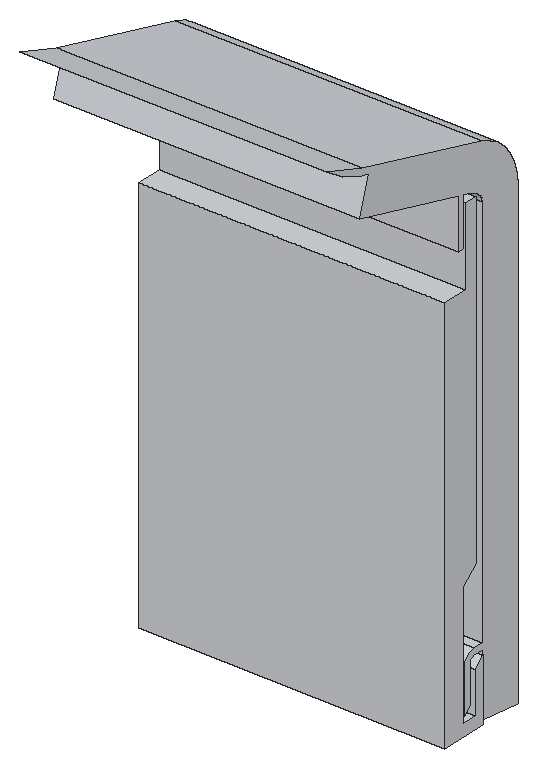
Revit family "HansWeitzel_2068", category Allgemeines Modell, Revit 2017
Family settings
  Basisbauteil = Wand
  Kann Basisbauteil für Bewehrung sein = Nein
  Bemaßung runder Anschluss = Durchmesser verwenden
  Teiletyp = Normal
  Immer vertikal = Ja
  Beim Laden mit Abzugskörper schneiden = Nein
  Gemeinsam genutzt = Nein
  Raumberechnungspunkt = Nein
Parameters (values of type "Type 1")
  max. Betriebstemperatur (°C) = 90
  Werkstoff = "Acryl"
  Wandmontage möglich = yes
  Typname = "HZ-Stoßverbinder SLF Eiche hell"
  Tiefe (mm) = 30
  Profilart = "Anschlussprofi"
  Menge pro Verpackungseinheit = 10
  Length3 = 50 mm
  Length2 = 50 mm
  Length1 = 50 mm
  Ist Zubehör = no
  Ist System = no
  Höhe [mm] = 97
  Hersteller = "Hans Weitzel GmbH & Co. KG"
  HeinzeBIM = "https://www.heinze.de/bim/hz-stossverbinder-slf-eiche-hell/63ef96e964c2b440932b9e7fe3a3d831e1cb5fca"
  HAN = "2068"
  Gewicht unverpackt (netto) [kg] = 0.008
  GTIN = "4022023220315"
  Farbton = "Holzart/Holzdekor"
  Dekor = "Eiche hell"
  Breite [mm] = 45
  Beschreibung = "HZ-Stoßverbinder SLF Eiche hell für HZ-Sockelleiste SLF nur mit SCH2158"
  BIMSITE_PRODUCT_ID = "63ef96e964c2b440932b9e7fe3a3d831e1cb5fca"
  BIM = "https://media.live.bim.site/t/eyJhbGciOiJIUzI1NiIsInR5cCI6IkpXVCJ9.eyJjdCI6MSwidGYiOiJwdWJsaWMvaGFucy13ZWl0emVsLWdtYmgtY28ta2cvMjI1MGEyZS9IWl9TTEZfU3Rvc3N2ZXJiaW5kZXIucmZhIiwiY2lkIjoiZmVkOThlOWEtMWJkOC00YzY4LWE3M2ItNzRhOTRlMzE1ODIzIiwicmlkIjoiODlhYmVhYzRkNGY5MGM5YmRmZmVmNzk0YThhOWI4ZjciLCJwaWQiOiI2M2VmOTZlOTY0YzJiNDQwOTMyYjllN2ZlM2EzZDgzMWUxY2I1ZmNhIiwic2lkIjoiNjM1NTgiLCJ1dCI6NSwibGMiOiJkZSIsImlhdCI6MTU4MDEyMjkyMCwiaXNzIjoiaHR0cHM6Ly9hcGkubGl2ZS5iaW0uc2l0ZSIsInN1YiI6ImY1ODZjNGI2LWE1MDgtNDI3YS05ODE4LTEzMTc5NjY1NzZiYyJ9.Uro-Gln6Om7ZIZlMdIdVFlvXFNED9UNLjHO9H-gkb5w/HZ_SLF_Stossverbinder.rfa"
Reference planes
  plane 1 "Wall": y = 0
  plane 2 "Center (Left/Right)": x = 125
  plane 3 "Back": y = 75
Text (mm)
  text "Placement side" at (0, 1409.804, 2854.306), in view "Left"
  text "Placement side" at (0, 499.811, 2980.732), in view "Right"
Dimensions and locks
  locked: plane 3 "Back" to host wall
  aligned and locked: plane 1 "Wall" to host wall
  aligned and locked: nested 1 to plane 3 "Back"
  aligned and locked: nested 2 to plane 3 "Back"
  aligned and locked: nested 2 to plane 2 "Center (Left/Right)"
  aligned and locked: nested 1 to plane 2 "Center (Left/Right)"
Nested families
  nested 1: "HZ_SLF_Part2" at (125, 75, 0) x (-1, 0, 0) z (0, 0, 1), type "HZ_SLF_Part2"
    with Length2 50 mm
  nested 2: "HZ_SLF_Profil" at (125, 75, 0) x (-1, 0, 0) z (0, 0, 1), type "HZ_SLF_Profil"
Definition of nested family "HZ_SLF_Part2"
  Parameters
    Length2 = 400 mm
  Reference planes
    plane 1 "Center (Front/Back)": y = 0
    plane 2: z = 0
    plane 3 "Center (Left/Right)": x = 0
    plane 4: z = 78
  Forms (mm)
    Extrusion 1, solid, detail levels fine
      sketch origin (0, 0, 0) x (0, 1, 0) y (0, 0, 1)
        loop
          line (-28, 65.25) -> (-28, 78) -> (-30, 78) -> (-30, 24.25) -> (-27.5, 22) -> (-27.5, 2) -> (-30, 2) -> (-30, 8.75) -> (-31.5, 10.25) -> (-31.5, 0) -> (-23.75, 0) -> (-23.75, 65.25) -> (-28, 65.25)
      from -200 to 200
    Extrusion 2, solid, detail levels medium
      sketch origin (0, 0, 0) x (0, 1, 0) y (0, 0, 1)
        loop
          line (-28, 65.25) -> (-28, 78) -> (-30, 78) -> (-30, 22) -> (-27.5, 22) -> (-27.5, 2) -> (-30, 2) -> (-30, 8.75) -> (-31.5, 8.75) -> (-31.5, 0) -> (-23.75, 0) -> (-23.75, 65.25) -> (-28, 65.25)
      from -200 to 200
    Extrusion 3, solid, detail levels coarse
      sketch origin (0, 0, 0) x (0, 1, 0) y (0, 0, 1)
        loop
          line (-31.5, 78) -> (-31.5, 0) -> (-23.75, 0) -> (-23.75, 78) -> (-31.5, 78)
      from -200 to 200
  Dimensions and locks
    equal spacing: Extrusion 1, plane 3 "Center (Left/Right)", Extrusion 1
    "Length2": Extrusion 1 to Extrusion 1
    aligned and locked: level to plane 2
    aligned and locked: Extrusion 3 to Extrusion 1  (x2)
    aligned and locked: Extrusion 2 to Extrusion 3  (x2)
  Automatic sketch dimensions
    Extrusion 1 sketch curve to level = 0 mm
    level to Extrusion 1 sketch curve = 10.25 mm
    plane 1 "Center (Front/Back)" to Extrusion 1 sketch curve = 31.5 mm
    Extrusion 1 sketch curve to Extrusion 1 sketch curve = 1.5 mm  (x2)
    level to Extrusion 1 sketch curve = 8.75 mm
    Extrusion 1 sketch curve to Extrusion 1 sketch curve = 2 mm
    Extrusion 1 sketch curve to Extrusion 1 sketch curve = 2.5 mm
    Extrusion 1 sketch curve to Extrusion 1 sketch curve = 4.25 mm
    level to Extrusion 1 sketch curve = 2 mm
    Extrusion 1 sketch curve to Extrusion 1 sketch curve = 11.75 mm
    Extrusion 1 sketch curve to Extrusion 1 sketch curve = 2.25 mm
    Extrusion 1 sketch curve to Extrusion 1 sketch curve = 41 mm
    Extrusion 1 sketch curve to Extrusion 1 sketch curve = 12.75 mm
    Extrusion 2 sketch curve to level = 0 mm
    plane 1 "Center (Front/Back)" to Extrusion 2 sketch curve = 31.5 mm
    Extrusion 2 sketch curve to Extrusion 2 sketch curve = 1.5 mm
    Extrusion 2 sketch curve to Extrusion 2 sketch curve = 2 mm
    Extrusion 2 sketch curve to Extrusion 2 sketch curve = 4.25 mm
    level to Extrusion 2 sketch curve = 2 mm
    Extrusion 2 sketch curve to Extrusion 2 sketch curve = 12.75 mm
    Extrusion 2 sketch curve to Extrusion 2 sketch curve = 2.5 mm
    Extrusion 2 sketch curve to Extrusion 2 sketch curve = 43.25 mm
    Extrusion 2 sketch curve to Extrusion 2 sketch curve = 0 mm
    Extrusion 2 sketch curve to Extrusion 2 sketch curve = 6.75 mm
    Extrusion 2 sketch curve to Extrusion 2 sketch curve = 13.25 mm
    Extrusion 3 sketch curve to level = 0 mm
    Extrusion 3 sketch curve to Extrusion 3 sketch curve = 7.75 mm
    plane 1 "Center (Front/Back)" to Extrusion 3 sketch curve = 31.5 mm
    level to Extrusion 3 sketch curve = 78 mm
Definition of nested family "HZ_SLF_Profil"
  Parameters
    Length3 = 50 mm
  Reference planes
    plane 1 "Center (Front/Back)": y = 0
    plane 2: z = 0
    plane 3 "Center (Left/Right)": x = 0
    plane 4: z = 95
  Forms (mm)
    Extrusion 1, solid, detail levels fine
      sketch origin (0, 0, 0) x (0, 1, 0) y (0, 0, 1)
        loop
          line (-38.561, 76.002) -> (-38.561, 0) -> (-31.5, 0.791) -> (-31.5, 11) -> (-29.75, 11)
          arc (-29.75, 11) -> (-29.043, 10.707) -> (-28.75, 10) r 1
          line (-28.75, 10) -> (-28.75, 4) -> (-27.75, 3) -> (-27.75, 10)
          arc (-27.75, 10) -> (-28.336, 11.414) -> (-29.75, 12) r 2
          line (-29.75, 12) -> (-31.5, 12) -> (-31.5, 76.545)
          arc (-31.5, 76.545) -> (-30.751, 77.994) -> (-29.355, 78.837) r 3
          line (-29.355, 78.837) -> (-27.5, 79.347) -> (-27.5, 71.5) -> (-26.5, 71.5) -> (-26.5, 79.621) -> (-6.471, 85.123) -> (-8.262, 90.853) -> (-6.8, 91.255)
          arc (-6.8, 91.255) -> (-2.978, 92.748) -> (0.452, 95) r 19.703
          arc (0.452, 95) -> (-3.246, 93.447) -> (-7.065, 92.219) r 46.507
          line (-7.065, 92.219) -> (-31.209, 85.587)
          arc (-31.209, 85.587) -> (-36.496, 82.03) -> (-38.561, 76.002) r 10
      from -25 to 25
    Extrusion 2, solid, detail levels medium
      sketch origin (0, 0, 0) x (0, 1, 0) y (0, 0, 1)
        loop
          line (-7.065, 92.219) -> (-31.209, 85.587)
          arc (-31.209, 85.587) -> (-36.496, 82.03) -> (-38.561, 76.002) r 10
          line (-38.561, 76.002) -> (-38.561, 0) -> (-31.5, 0.791) -> (-31.5, 11) -> (-28.75, 11) -> (-28.75, 3) -> (-27.75, 3) -> (-27.75, 12) -> (-31.5, 12) -> (-31.5, 76.545)
          arc (-31.5, 76.545) -> (-30.751, 77.994) -> (-29.355, 78.837) r 3
          line (-29.355, 78.837) -> (-27.5, 79.347) -> (-27.5, 71.5) -> (-26.5, 71.5) -> (-26.5, 79.621) -> (-6.471, 85.123) -> (0.452, 95)
          arc (0.452, 95) -> (-3.246, 93.447) -> (-7.065, 92.219) r 46.507
      from -25 to 25
    Extrusion 3, solid, detail levels coarse
      sketch origin (0, 0, 0) x (0, 1, 0) y (0, 0, 1)
        loop
          line (-38.561, 0) -> (0.452, 0) -> (0.452, 95) -> (-38.561, 95) -> (-38.561, 0)
      from -25 to 25
  Dimensions and locks
    equal spacing: Extrusion 3, plane 3 "Center (Left/Right)", Extrusion 3
    "Length3": Extrusion 3 to Extrusion 3
    aligned and locked: level to plane 2
    aligned and locked: Extrusion 1 to Extrusion 3
    aligned and locked: Extrusion 2 to Extrusion 3
    aligned and locked: Extrusion 3 to Extrusion 1
    aligned and locked: Extrusion 3 to Extrusion 2
  Automatic sketch dimensions
    plane 1 "Center (Front/Back)" to Extrusion 3 sketch curve = 38.561 mm
    Extrusion 3 sketch curve to plane 1 "Center (Front/Back)" = 0.452 mm
    Extrusion 3 sketch curve to level = 0 mm
    level to Extrusion 3 sketch curve = 95 mm
    Extrusion 2 sketch curve to Extrusion 2 sketch curve = 0 mm  (x2)
    Extrusion 2 sketch curve to level = 0 mm
    Extrusion 2 sketch curve to plane 4 = 0 mm
    plane 1 "Center (Front/Back)" to Extrusion 2 sketch curve = 38.561 mm
    level to Extrusion 2 sketch curve = 0.791 mm
    Extrusion 2 sketch curve to Extrusion 2 sketch curve = 7.061 mm  (x2)
    Extrusion 2 sketch curve to plane 4 = 9.413 mm
    Extrusion 2 sketch curve to Extrusion 2 sketch curve = 0.291 mm
    Extrusion 2 sketch curve to plane 4 = 16.163 mm
    Extrusion 2 sketch curve to Extrusion 2 sketch curve = 2.145 mm
    Extrusion 2 sketch curve to Extrusion 2 sketch curve = 2.75 mm
    Extrusion 2 sketch curve to Extrusion 2 sketch curve = 2.939 mm
    Extrusion 2 sketch curve to Extrusion 2 sketch curve = 1 mm  (x3)
    Extrusion 2 sketch curve to Extrusion 2 sketch curve = 1.061 mm
    plane 1 "Center (Front/Back)" to Extrusion 2 sketch curve = 19.383 mm
    plane 1 "Center (Front/Back)" to Extrusion 2 sketch curve = 7.065 mm
    plane 1 "Center (Front/Back)" to Extrusion 2 sketch curve = 6.471 mm
    level to Extrusion 2 sketch curve = 3 mm
    Extrusion 2 sketch curve to Extrusion 2 sketch curve = 8 mm
    Extrusion 2 sketch curve to Extrusion 2 sketch curve = 7.337 mm
    Extrusion 2 sketch curve to Extrusion 2 sketch curve = 2.893 mm
    Extrusion 2 sketch curve to Extrusion 2 sketch curve = 0.51 mm
    Extrusion 2 sketch curve to Extrusion 2 sketch curve = 0.275 mm
    Extrusion 2 sketch curve to plane 4 = 9.877 mm
    Extrusion 2 sketch curve to plane 4 = 2.781 mm
    plane 4 to Extrusion 2 sketch curve = 42.065 mm
    Extrusion 1 sketch curve to Extrusion 1 sketch curve = 0 mm  (x5)
    Extrusion 1 sketch curve to level = 0 mm
    Extrusion 1 sketch curve to plane 4 = 0 mm
    plane 1 "Center (Front/Back)" to Extrusion 1 sketch curve = 38.561 mm
    level to Extrusion 1 sketch curve = 0.791 mm
    Extrusion 1 sketch curve to Extrusion 1 sketch curve = 7.061 mm
    Extrusion 1 sketch curve to plane 4 = 9.413 mm
    Extrusion 1 sketch curve to Extrusion 1 sketch curve = 0.291 mm
    Extrusion 1 sketch curve to Extrusion 1 sketch curve = 1.75 mm
    Extrusion 1 sketch curve to plane 4 = 16.163 mm
    Extrusion 1 sketch curve to Extrusion 1 sketch curve = 2.145 mm
    level to Extrusion 1 sketch curve = 4 mm
    Extrusion 1 sketch curve to Extrusion 1 sketch curve = 2.75 mm
    Extrusion 1 sketch curve to Extrusion 1 sketch curve = 2.939 mm
    Extrusion 1 sketch curve to Extrusion 1 sketch curve = 1 mm  (x3)
    Extrusion 1 sketch curve to Extrusion 1 sketch curve = 1.855 mm
    plane 1 "Center (Front/Back)" to Extrusion 1 sketch curve = 19.383 mm
    plane 1 "Center (Front/Back)" to Extrusion 1 sketch curve = 12.019 mm
    plane 1 "Center (Front/Back)" to Extrusion 1 sketch curve = 8.262 mm
    Extrusion 1 sketch curve to Extrusion 1 sketch curve = 1.197 mm
    Extrusion 1 sketch curve to Extrusion 1 sketch curve = 1.791 mm
    Extrusion 1 sketch curve to Extrusion 1 sketch curve = 6 mm
    Extrusion 1 sketch curve to Extrusion 1 sketch curve = 7.337 mm
    Extrusion 1 sketch curve to Extrusion 1 sketch curve = 2.893 mm
    Extrusion 1 sketch curve to Extrusion 1 sketch curve = 0.51 mm
    Extrusion 1 sketch curve to Extrusion 1 sketch curve = 0.275 mm
    Extrusion 1 sketch curve to plane 4 = 9.877 mm
    Extrusion 1 sketch curve to plane 4 = 4.147 mm
    Extrusion 1 sketch curve to Extrusion 1 sketch curve = 1.366 mm
    plane 4 to Extrusion 1 sketch curve = 15.254 mm
    Extrusion 1 sketch curve to Extrusion 1 sketch curve = 26.811 mm
    Extrusion 1 sketch curve to Extrusion 1 sketch curve = 0.265 mm
